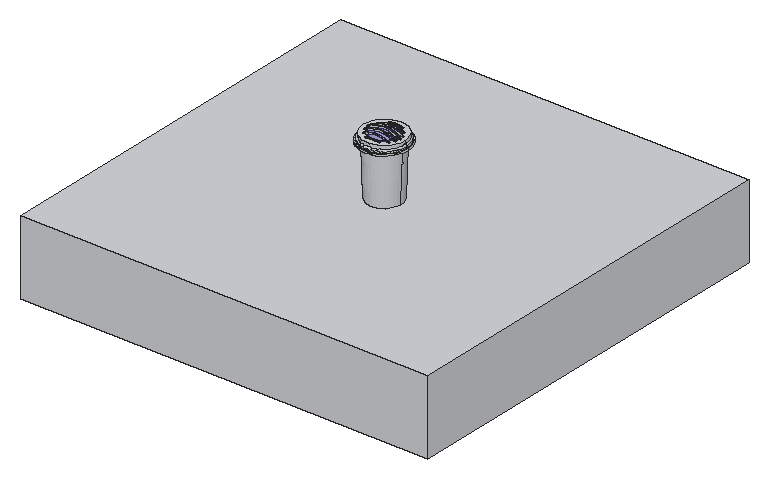
Revit family "Alcon-9045-Revit-Family", category Luminarias, Revit 2025
Family settings
  Anfitrión = Cara
  Cota de conector redondo = Usar diámetro
  Tipo de pieza = Normal
  Corte con vacíos al cargar = No
  Origen de luz = Sí
  Mantener orientación de anotación = No
  Compartido = No
  Punto de cálculo de habitación = No
Parameters
  Tilt Angle = 60.00°
  built-in parameter 1010506 = 0.5236 (stored number, unit not read)
  built-in parameter 1010507 = 1.5708 (stored number, unit not read)
  Wattage = 9.2903 W
  URL = "https://www.alconlighting.com/sfizia-9045.html"
  built-in parameter 1150107 = 3200 (stored number, unit not read)
  TOP FINISH = none
  built-in parameter 1150110 = 1 (stored number, unit not read)
  built-in parameter 1150109 = 1 (stored number, unit not read)
  built-in parameter 1150112 = 1 (stored number, unit not read)
  built-in parameter 1150113 = 1 (stored number, unit not read)
  built-in parameter 1114218 = 1 (stored number, unit not read)
  Product Page = "https://www.alconlighting.com/sfizia-9045.html"
  Product Data URL = "https://www.alconlighting.com/sfizia-9045.html"
  built-in parameter 1150137 = (empty or 0)
  built-in parameter 1150132 = (empty or 0)
  Modelo = "Alcon Lighting 9045"
  Longitud de símbolo de origen de luz = 10' - 0"
  Link to IES File = "https://www.alconlighting.com/sfizia-9045.html"
  LENS GLASS = Glass
  built-in parameter 1150105 = 4614.1 (stored number, unit not read)
  built-in parameter 1150102 = (empty or 0)
  built-in parameter 1150106 = 46.141 (stored number, unit not read)
  Lumens = 1380 lm
  Color Filter = 16777215
  built-in parameter 1114217 = 1 (stored number, unit not read)
  built-in parameter 1150139 = (empty or 0)
  Fabricante = "Alcon Lighting"
  Default Elevation = 4' - 0"
  built-in parameter 1150104 = 13.8 (stored number, unit not read)
  built-in parameter 1150115 = 1 (stored number, unit not read)
  built-in parameter 1150114 = 1 (stored number, unit not read)
  built-in parameter 1150138 = (empty or 0)
  built-in parameter 1150134 = 3
  Dimming Lamp Color Temperature Shift = (empty or 0)
  built-in parameter 1150133 = 10 (stored number, unit not read)
Reference planes (in)
  plane 1 "Center (Front/Back)": y = 0
  plane 2: z = 0
  plane 3 "Center (Left/Right)": x = 0
Forms (in)
  Extrusion 1, solid
    sketch origin (0, 0, 0) x (1, 0, 0) y (0, 1, 0)
      loop
        line (-33, 32.41633) -> (-33, -32.40783) -> (32.98586, -32.40783) -> (32.98586, 32.41633) -> (-33, 32.41633)
    from 0 to -12
  Revolve 2, solid
    sketch origin (-111.79551, 0, 0) x (1, 0, 0) y (0, 0, 1)
      loop
        line (115.328, 8.2655) -> (115.67051, 8.2655) -> (115.67051, 8.5) -> (115.39687, 8.5) -> (115.39687, 8.72611)
        arc (115.39687, 8.72611) -> (115.34496, 8.87593) -> (115.22193, 8.97596) r 0.28962
        line (115.22193, 8.97596) -> (114.50213, 8.97596) -> (114.30228, 3.2532)
        arc (114.30228, 3.2532) -> (113.97594, 2.92686) -> (113.53015, 2.80741) r 0.89158
        line (113.53015, 2.80741) -> (111.79551, 2.80741) -> (111.79551, 0) -> (114.48551, 0) -> (114.76068, 7.88002)
        arc (114.76068, 7.88002) -> (114.92067, 7.94793) -> (114.95977, 8.11728) r 0.19143
        line (114.95977, 8.11728) -> (115.328, 8.11728) -> (115.328, 8.2655)
      axis (111.79551, 8.97596) -> (111.79551, 0)
    angle from 0 to 360
  Extrusion 3, solid, material <- "TOP FINISH"
    sketch origin (-144.46071, -11.0615, 0) x (1, 0, 0) y (0, 1, 0)
      loop
        circle (144.46071, 11.0615) r 3.375
      loop
        circle (144.46071, 11.0615) r 2.44
    from 8.97596 to 9.51238
  Revolve 4, solid, material "Glass" <- "LENS GLASS"
    sketch origin (-111.79551, 0, 0) x (1, 0, 0) y (0, 0, 1)
      loop
        line (111.79551, 9.32178) -> (114.23119, 9.32178) -> (114.23119, 9.41246)
        arc (114.23119, 9.41246) -> (114.19458, 9.50085) -> (114.10619, 9.53746) r 0.125
        line (114.10619, 9.53746) -> (111.79551, 9.53746) -> (111.79551, 9.32178)
      axis (111.79551, 9.32178) -> (111.79551, 9.53746)
    angle from 0 to 360
  Extrusion 5, solid, material <- "TOP FINISH"
    sketch origin (-148.33571, 0, 0) x (1, 0, 0) y (0, 0, 1)
      loop
        line (150.62263, 9.51238) -> (151.10681, 9.51238)
        arc (151.10681, 9.51238) -> (149.7826, 10.13269) -> (148.33571, 10.34441) r 5.0123
        arc (148.33571, 10.34441) -> (146.88883, 10.13269) -> (145.56462, 9.51238) r 5.0123
        line (145.56462, 9.51238) -> (146.0488, 9.51238)
        arc (146.0488, 9.51238) -> (147.15563, 9.94729) -> (148.33571, 10.09441) r 4.7623
        arc (148.33571, 10.09441) -> (149.5158, 9.94729) -> (150.62263, 9.51238) r 4.7623
    from 0.07131 to 0.1611
  Extrusion 6, solid, material <- "TOP FINISH"
    sketch origin (-148.33571, 0, 0) x (1, 0, 0) y (0, 0, 1)
      loop
        arc (150.9552, 9.51238) -> (149.6983, 10.07193) -> (148.33571, 10.26238) r 4.93027
        arc (148.33571, 10.26238) -> (146.97313, 10.07193) -> (145.71623, 9.51238) r 4.93027
        line (145.71623, 9.51238) -> (146.22539, 9.51238)
        arc (146.22539, 9.51238) -> (147.25119, 9.8863) -> (148.33571, 10.01238) r 4.68027
        arc (148.33571, 10.01238) -> (149.42024, 9.8863) -> (150.44604, 9.51238) r 4.68027
        line (150.44604, 9.51238) -> (150.9552, 9.51238)
    from 0.9484 to 0.83829
  Extrusion 7, solid, material <- "TOP FINISH"
    sketch origin (-148.33571, 0, 0) x (1, 0, 0) y (0, 0, 1)
      loop
        arc (150.9552, 9.51238) -> (149.6983, 10.07193) -> (148.33571, 10.26238) r 4.93027
        arc (148.33571, 10.26238) -> (146.97313, 10.07193) -> (145.71623, 9.51238) r 4.93027
        line (145.71623, 9.51238) -> (146.22539, 9.51238)
        arc (146.22539, 9.51238) -> (147.25119, 9.8863) -> (148.33571, 10.01238) r 4.68027
        arc (148.33571, 10.01238) -> (149.42024, 9.8863) -> (150.44604, 9.51238) r 4.68027
        line (150.44604, 9.51238) -> (150.9552, 9.51238)
    from -0.68331 to -0.58461
  Extrusion 8, solid, material <- "TOP FINISH"
    sketch origin (-148.33571, 0, 0) x (1, 0, 0) y (0, 0, 1)
      loop
        arc (150.44604, 9.51238) -> (149.42024, 9.8863) -> (148.33571, 10.01238) r 4.68027
        arc (148.33571, 10.01238) -> (147.25119, 9.8863) -> (146.22539, 9.51238) r 4.68027
        line (146.22539, 9.51238) -> (146.63133, 9.51238)
        arc (146.63133, 9.51238) -> (147.4674, 9.76116) -> (148.33571, 9.84441) r 4.5123
        arc (148.33571, 9.84441) -> (149.20403, 9.76116) -> (150.0401, 9.51238) r 4.5123
        line (150.0401, 9.51238) -> (150.44604, 9.51238)
    from -1.42023 to -1.50916
  Extrusion 9, solid, material <- "TOP FINISH"
    sketch origin (-148.33571, 0, 0) x (1, 0, 0) y (0, 0, 1)
      loop
        arc (150.44604, 9.51238) -> (149.42024, 9.8863) -> (148.33571, 10.01238) r 4.68027
        arc (148.33571, 10.01238) -> (147.25119, 9.8863) -> (146.22539, 9.51238) r 4.68027
        line (146.22539, 9.51238) -> (146.63133, 9.51238)
        arc (146.63133, 9.51238) -> (147.4674, 9.76116) -> (148.33571, 9.84441) r 4.5123
        arc (148.33571, 9.84441) -> (149.20403, 9.76116) -> (150.0401, 9.51238) r 4.5123
        line (150.0401, 9.51238) -> (150.44604, 9.51238)
    from 1.59805 to 1.68431
  Extrusion 10, solid, material <- "TOP FINISH"
    sketch origin (-148.33571, 0, 0) x (1, 0, 0) y (0, 0, 1)
      loop
        line (147.1476, 9.51238) -> (149.52383, 9.51238)
        arc (149.52383, 9.51238) -> (148.93546, 9.63561) -> (148.33571, 9.67644) r 4.34433
        arc (148.33571, 9.67644) -> (147.73597, 9.63561) -> (147.1476, 9.51238) r 4.34433
    from -2.41633 to -2.49573
  Extrusion 11, solid, material <- "TOP FINISH"
    sketch origin (-148.33571, 0, 0) x (1, 0, 0) y (0, 0, 1)
      loop
        line (147.1476, 9.51238) -> (149.52383, 9.51238)
        arc (149.52383, 9.51238) -> (148.93546, 9.63561) -> (148.33571, 9.67644) r 4.34433
        arc (148.33571, 9.67644) -> (147.73597, 9.63561) -> (147.1476, 9.51238) r 4.34433
    from 2.39815 to 2.46722
Cuts and joins
  joined: Extrusion 3, Extrusion 5, Extrusion 6, Extrusion 7, Extrusion 8, Extrusion 9, Extrusion 10, Extrusion 11
Dimensions and locks (in)
  aligned and locked: plane 2 to Extrusion 1
  aligned and locked: level to Extrusion 1
